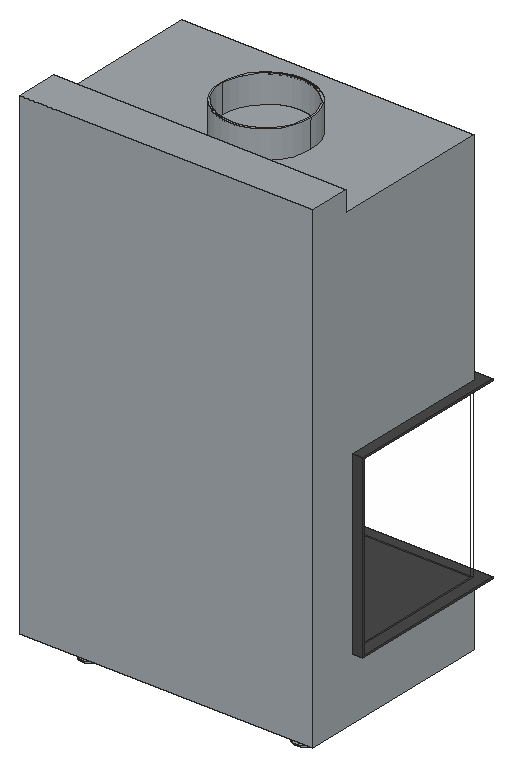
Revit family "METALFIRE_ULTIMATE_D_MF_WHE_2S", category Mechanical Equipment, host Wall, Revit 2017
Family settings
  Host = Wall
  Round Connector Dimension = Use Diameter
  Part Type = Normal
  OmniClass Number = 23.75.00.00
  OmniClass Title = Climate Control (HVAC)
  Always vertical = Yes
  Cut with Voids When Loaded = No
  Shared = No
  Room Calculation Point = Yes
Parameters (values of type "800 x 500 mm")
  WIDTH = 806 mm
  WEIGHT = 320.00 kg
  URL = "https://www.metalfire.eu"
  TECHNICAL SHEET = "https://www.metalfire.eu/en/products/wood-fireplaces/ultime-d"
  SMOKE EXHAUST = "Ø250 mm"
  PRODUCT SHEET = "https://www.archiproducts.com/en/products/metalfire/wood-burning-corner-fireplace-ultime-d-corner-fireplace_456405"
  PRODUCT CODE = "MF 800-50 WHE 2S"
  OVERALL WIDTH = 868 mm
  OVERALL HEIGHT = 1443 mm
  OVERALL DEPTH = 608 mm
  OUTPUT = 16.0 kW
  Number [instance] = (WIDTH / 20 mm) - 2  # 38
  Model = "Ultime D"
  Manufacturer = "Metalfire"
  MATERIAL DESCRIPTION = "Iron, galvanized steel and vermiculite plates"
  HEIGHT = 504 mm
  FRAME MATERIAL = Iron - Metalfire
  FINISHING MATERIAL = Black painted vermiculite plates - Metalfire
  FINE DUST EMISSION = "10 mg/Nm3"
  ENERGY EFFICIENCY CLASS = "A+"
  EFFICIENCY = 82.00%
  Description = "This generation of room air independent wood fireplaces with liftable door is equipped with a dynamic combustion technique that ensures optimal combustion and high efficiency."
  DEPTH = 461 mm
  CO EMISSION = 0.09%
  BIM USER MANUAL = "https://img.edilportale.com/bim/METALFIRE-BIM-USER-MANUAL-Metalfire-bim.pdf"
  BIM BADGE = "https://bim.archiproducts.com/en/badge/bim-archiproducts-featured_658700/about"
  BIM AUTHOR = "https://bim.archiproducts.com"
Types (2, lengths in mm): name | WIDTH | PRODUCT CODE | OVERALL WIDTH | OUTPUT | Number | FINE DUST EMISSION
  800 x 500 mm | 806 | "MF 800-50 WHE 2S" | 868 | 16.0 kW | 38 | "10 mg/Nm3"
  1050 x 500 mm | 1056 | "MF 1050-50 WHE 2S" | 1118 | 17.0 kW | 51 | "27 mg/Nm3"
Reference planes
  plane 1 "Wall": y = 0
  plane 2 "Center (Left/Right)": x = 0
  plane 3 "Back": y = 400
  plane 4: x = 403
  plane 5: x = -403
  plane 6: z = 245
  plane 7: z = 749
  plane 8: z = 1443
  plane 9: x = -341.985
  plane 10: x = 269.985
  plane 11: x = -383
  plane 12: x = -363
Forms (mm)
  Extrusion 1, void
    sketch origin (0, 400, 0) x (1, 0, 0) y (0, 0, 1)
      loop
        line (403, 240) -> (403, 754) -> (-408, 754) -> (-408, 240) -> (403, 240)
    from 0 to 466
  Extrusion 2, void
    sketch origin (0, 0, 0) x (0, 1, 0) y (0, 0, 1)
      loop
        line (370, 1463) -> (-208, 1463) -> (-208, 0) -> (370, 0) -> (370, 1463)
    from -465 to 373
  Extrusion 3, solid, material "Black painted vermiculite plates - Metalfire" <- "FINISHING MATERIAL", detail levels medium+fine
    sketch origin (0, 400, 0) x (1, 0, 0) y (0, 0, 1)
      loop
        line (403, 245) -> (-403, 245) -> (-403, 749) -> (403, 749) -> (403, 754) -> (-408, 754) -> (-408, 240) -> (403, 240) -> (403, 245)
    from 0 to 466
  Extrusion 4, solid, material "Black painted vermiculite plates - Metalfire" <- "FINISHING MATERIAL", detail levels medium+fine
    sketch origin (-424.5, -1068.817, 4000) x (0, 1, 0) y (0, 0, 1)
      loop
        line (1002.817, -3755) -> (1007.817, -3755) -> (1007.817, -3251) -> (1002.817, -3251) -> (1002.817, -3755)
    from 21.5 to 827.5
  Extrusion 5, solid, material "Iron - Metalfire" <- "FRAME MATERIAL", detail levels fine
    sketch origin (-429.5, -1068.817, 4000) x (0, 1, 0) y (0, 0, 1)
      loop
        line (860.817, -2557) -> (860.817, -3940) -> (980.817, -3940) -> (980.817, -2557) -> (860.817, -2557)
    from -35.5 to 802.5
  Extrusion 6, solid, material "Iron - Metalfire" <- "FRAME MATERIAL", detail levels fine
    sketch origin (-424.5, -1068.817, 4000) x (0, 1, 0) y (0, 0, 1)
      loop
        line (980.817, -3940) -> (1438.817, -3940) -> (1438.817, -3760) -> (1002.817, -3760) -> (1002.817, -3246) -> (1438.817, -3246) -> (1438.817, -2617) -> (980.817, -2617) -> (980.817, -3940)
    from 16.5 to 797.5
  Extrusion 7, solid, material "Iron - Metalfire" <- "FRAME MATERIAL", detail levels fine
    sketch origin (0, 400, 0) x (1, 0, 0) y (0, 0, 1)
      loop
        line (-408, 1383) -> (-465, 1383) -> (-465, 60) -> (-408, 60) -> (-408, 1383)
    from 30 to 488
  Extrusion 8, solid, material "Iron - Metalfire" <- "FRAME MATERIAL", detail levels fine
    sketch origin (0, 0, 0) x (1, 0, 0) y (0, 1, 0)
      loop
        circle (0, 91) r 125
      loop
        circle (0, 91) r 130
    from 1383 to 1463
  Revolve 9, solid, material "Iron - Metalfire" <- "FRAME MATERIAL", detail levels fine
    sketch origin (-341.985, -119.985, 4000) x (0, -1, 0) y (0, 0, 1)
      loop
        line (-419.471, -4000) -> (-419.471, -3940) -> (-427.471, -3940) -> (-427.471, -3984) -> (-431.471, -3984) -> (-431.471, -3994) -> (-425.537, -3994) -> (-431.971, -3997) -> (-449.471, -3997) -> (-449.471, -3999) -> (-447.471, -4000) -> (-419.471, -4000)
      axis (-419.471, -4000) -> (-419.471, -3940)
    angle from 0 to 360
  Revolve 10, solid, material "Iron - Metalfire" <- "FRAME MATERIAL", detail levels fine
    sketch origin (-341.985, -527.456, 4000) x (0, -1, 0) y (0, 0, 1)
      loop
        line (-419.471, -4000) -> (-419.471, -3940) -> (-427.471, -3940) -> (-427.471, -3984) -> (-431.471, -3984) -> (-431.471, -3994) -> (-425.537, -3994) -> (-431.971, -3997) -> (-449.471, -3997) -> (-449.471, -3999) -> (-447.471, -4000) -> (-419.471, -4000)
      axis (-419.471, -4000) -> (-419.471, -3940)
    angle from 0 to 360
  Revolve 11, solid, material "Iron - Metalfire" <- "FRAME MATERIAL", detail levels fine
    sketch origin (269.985, -119.985, 4000) x (0, -1, 0) y (0, 0, 1)
      loop
        line (-419.471, -4000) -> (-419.471, -3940) -> (-427.471, -3940) -> (-427.471, -3984) -> (-431.471, -3984) -> (-431.471, -3994) -> (-425.537, -3994) -> (-431.971, -3997) -> (-449.471, -3997) -> (-449.471, -3999) -> (-447.471, -4000) -> (-419.471, -4000)
      axis (-419.471, -4000) -> (-419.471, -3940)
    angle from 0 to 360
  Revolve 12, solid, material "Iron - Metalfire" <- "FRAME MATERIAL", detail levels fine
    sketch origin (269.985, -527.456, 4000) x (0, -1, 0) y (0, 0, 1)
      loop
        line (-419.471, -4000) -> (-419.471, -3940) -> (-427.471, -3940) -> (-427.471, -3984) -> (-431.471, -3984) -> (-431.471, -3994) -> (-425.537, -3994) -> (-431.971, -3997) -> (-449.471, -3997) -> (-449.471, -3999) -> (-447.471, -4000) -> (-419.471, -4000)
      axis (-419.471, -4000) -> (-419.471, -3940)
    angle from 0 to 360
  Extrusion 13, solid, material "Black painted vermiculite plates - Metalfire" <- "FINISHING MATERIAL", detail levels fine
    sketch origin (0, 0, 0) x (1, 0, 0) y (0, 1, 0)
      loop
        line (-403, -61) -> (-393, -61) -> (-393, -51) -> (-403, -51) -> (-403, -61)
    from 245 to 749
  Extrusion 14, solid, material "Black painted vermiculite plates - Metalfire" <- "FINISHING MATERIAL", detail levels fine
    sketch origin (0, 20, 0) x (1, 0, 0) y (0, 1, 0)
      loop
        line (-403, -61) -> (-393, -61) -> (-393, -51) -> (-403, -51) -> (-403, -61)
    from 245 to 749
  Extrusion 15, solid, material "Black painted vermiculite plates - Metalfire" <- "FINISHING MATERIAL", detail levels fine
    sketch origin (0, 40, 0) x (1, 0, 0) y (0, 1, 0)
      loop
        line (-403, -61) -> (-393, -61) -> (-393, -51) -> (-403, -51) -> (-403, -61)
    from 245 to 749
  Extrusion 16, solid, material "Black painted vermiculite plates - Metalfire" <- "FINISHING MATERIAL", detail levels fine
    sketch origin (0, 60, 0) x (1, 0, 0) y (0, 1, 0)
      loop
        line (-403, -61) -> (-393, -61) -> (-393, -51) -> (-403, -51) -> (-403, -61)
    from 245 to 749
  Extrusion 17, solid, material "Black painted vermiculite plates - Metalfire" <- "FINISHING MATERIAL", detail levels fine
    sketch origin (0, 80, 0) x (1, 0, 0) y (0, 1, 0)
      loop
        line (-403, -61) -> (-393, -61) -> (-393, -51) -> (-403, -51) -> (-403, -61)
    from 245 to 749
  Extrusion 18, solid, material "Black painted vermiculite plates - Metalfire" <- "FINISHING MATERIAL", detail levels fine
    sketch origin (0, 100, 0) x (1, 0, 0) y (0, 1, 0)
      loop
        line (-403, -61) -> (-393, -61) -> (-393, -51) -> (-403, -51) -> (-403, -61)
    from 245 to 749
  Extrusion 19, solid, material "Black painted vermiculite plates - Metalfire" <- "FINISHING MATERIAL", detail levels fine
    sketch origin (0, 120, 0) x (1, 0, 0) y (0, 1, 0)
      loop
        line (-403, -61) -> (-393, -61) -> (-393, -51) -> (-403, -51) -> (-403, -61)
    from 245 to 749
  Extrusion 20, solid, material "Black painted vermiculite plates - Metalfire" <- "FINISHING MATERIAL", detail levels fine
    sketch origin (0, 140, 0) x (1, 0, 0) y (0, 1, 0)
      loop
        line (-403, -61) -> (-393, -61) -> (-393, -51) -> (-403, -51) -> (-403, -61)
    from 245 to 749
  Extrusion 21, solid, material "Black painted vermiculite plates - Metalfire" <- "FINISHING MATERIAL", detail levels fine
    sketch origin (0, 160, 0) x (1, 0, 0) y (0, 1, 0)
      loop
        line (-403, -61) -> (-393, -61) -> (-393, -51) -> (-403, -51) -> (-403, -61)
    from 245 to 749
  Extrusion 22, solid, material "Black painted vermiculite plates - Metalfire" <- "FINISHING MATERIAL", detail levels fine
    sketch origin (0, 180, 0) x (1, 0, 0) y (0, 1, 0)
      loop
        line (-403, -61) -> (-393, -61) -> (-393, -51) -> (-403, -51) -> (-403, -61)
    from 245 to 749
  Extrusion 23, solid, material "Black painted vermiculite plates - Metalfire" <- "FINISHING MATERIAL", detail levels fine
    sketch origin (0, 200, 0) x (1, 0, 0) y (0, 1, 0)
      loop
        line (-403, -61) -> (-393, -61) -> (-393, -51) -> (-403, -51) -> (-403, -61)
    from 245 to 749
  Extrusion 24, solid, material "Black painted vermiculite plates - Metalfire" <- "FINISHING MATERIAL", detail levels fine
    sketch origin (0, 220, 0) x (1, 0, 0) y (0, 1, 0)
      loop
        line (-403, -61) -> (-393, -61) -> (-393, -51) -> (-403, -51) -> (-403, -61)
    from 245 to 749
  Extrusion 25, solid, material "Black painted vermiculite plates - Metalfire" <- "FINISHING MATERIAL", detail levels fine
    sketch origin (0, 240, 0) x (1, 0, 0) y (0, 1, 0)
      loop
        line (-403, -61) -> (-393, -61) -> (-393, -51) -> (-403, -51) -> (-403, -61)
    from 245 to 749
  Extrusion 26, solid, material "Black painted vermiculite plates - Metalfire" <- "FINISHING MATERIAL", detail levels fine
    sketch origin (0, 260, 0) x (1, 0, 0) y (0, 1, 0)
      loop
        line (-403, -61) -> (-393, -61) -> (-393, -51) -> (-403, -51) -> (-403, -61)
    from 245 to 749
  Extrusion 27, solid, material "Black painted vermiculite plates - Metalfire" <- "FINISHING MATERIAL", detail levels fine
    sketch origin (0, 280, 0) x (1, 0, 0) y (0, 1, 0)
      loop
        line (-403, -61) -> (-393, -61) -> (-393, -51) -> (-403, -51) -> (-403, -61)
    from 245 to 749
  Extrusion 28, solid, material "Black painted vermiculite plates - Metalfire" <- "FINISHING MATERIAL", detail levels fine
    sketch origin (0, 300, 0) x (1, 0, 0) y (0, 1, 0)
      loop
        line (-403, -61) -> (-393, -61) -> (-393, -51) -> (-403, -51) -> (-403, -61)
    from 245 to 749
  Extrusion 29, solid, material "Black painted vermiculite plates - Metalfire" <- "FINISHING MATERIAL", detail levels fine
    sketch origin (0, 320, 0) x (1, 0, 0) y (0, 1, 0)
      loop
        line (-403, -61) -> (-393, -61) -> (-393, -51) -> (-403, -51) -> (-403, -61)
    from 245 to 749
  Extrusion 30, solid, material "Black painted vermiculite plates - Metalfire" <- "FINISHING MATERIAL", detail levels fine
    sketch origin (0, 340, 0) x (1, 0, 0) y (0, 1, 0)
      loop
        line (-403, -61) -> (-393, -61) -> (-393, -51) -> (-403, -51) -> (-403, -61)
    from 245 to 749
  Extrusion 31, solid, material "Black painted vermiculite plates - Metalfire" <- "FINISHING MATERIAL", detail levels fine
    sketch origin (0, 360, 0) x (1, 0, 0) y (0, 1, 0)
      loop
        line (-403, -61) -> (-393, -61) -> (-393, -51) -> (-403, -51) -> (-403, -61)
    from 245 to 749
  Extrusion 32, solid, material "Clear Glass - Metalfire", detail levels medium+fine
    sketch origin (0, 0, 0) x (1, 0, 0) y (0, 1, 0)
      loop
        line (-403, 370) -> (-403, 365) -> (368, 365) -> (368, -61) -> (373, -61) -> (373, 370) -> (-403, 370)
    from 245 to 749
Cuts and joins
  joined: Extrusion 3, Extrusion 4
  joined: Extrusion 5, Extrusion 6, Extrusion 7
Text (mm)
  text "Placement side" at (-1820.995, 1116.779, 0), in view "Ref. Level"
  text "Placement side" at (0, 1334.055, 2976.191), in view "Left"
  text "Placement side" at (0, 439.194, 2944.362), in view "Right"
Dimensions and locks
  locked: plane 3 "Back" to host wall
  equal spacing: plane 5, plane 2 "Center (Left/Right)", plane 4
  "WIDTH": plane 5 to plane 4
  locked: level to plane 6 at 245
  "HEIGHT": plane 6 to plane 7
  locked: Extrusion 3 sketch curve to Extrusion 3 sketch curve at 5  (x3)
  locked: Extrusion 3 to plane 3 "Back" at 466
  locked: Extrusion 4 sketch curve to Extrusion 4 sketch curve at 5
  "OVERALL HEIGHT": level to plane 8
  locked: Extrusion 5 sketch curve to Extrusion 5 sketch curve at 120
  locked: Extrusion 5 sketch curve to level at 60
  locked: Extrusion 5 sketch curve to plane 3 "Back" at 608
  locked: plane 5 to Extrusion 5 at 62
  level to Extrusion 5 = 1443 mm
  locked: plane 4 to Extrusion 5 at 30
  locked: plane 8 to Extrusion 6 sketch curve at 60
  locked: plane 7 to Extrusion 6 sketch curve at 5
  locked: plane 6 to Extrusion 6 sketch curve at 5
  locked: level to Extrusion 6 sketch curve at 60
  Extrusion 6 sketch curve to Extrusion 6 sketch curve to Extrusion 6 sketch curve = 22 mm locked, 436 mm locked
  locked: Extrusion 6 sketch curve to plane 3 "Back" at 30
  locked: Extrusion 8 sketch curve to plane 3 "Back" at 309
  locked: Extrusion 8 to plane 8 at 20
  locked: Revolve 9 sketch curve to plane 3 "Back" at 100.515
  locked: Revolve 10 sketch curve to plane 3 "Back" at 507.985
  locked: plane 5 to plane 9 at 61.015
  locked: plane 10 to plane 4 at 133.015
  locked: Revolve 12 sketch curve to plane 3 "Back" at 507.985
  locked: Revolve 11 sketch curve to plane 3 "Back" at 100.515
  locked: Extrusion 13 sketch curve to Extrusion 13 sketch curve at 10  (x2)
  locked: Extrusion 14 sketch curve to Extrusion 14 sketch curve at 10  (x2)
  locked: Extrusion 15 sketch curve to Extrusion 15 sketch curve at 10  (x2)
  locked: Extrusion 16 sketch curve to Extrusion 16 sketch curve at 10  (x2)
  locked: Extrusion 17 sketch curve to Extrusion 17 sketch curve at 10  (x2)
  locked: Extrusion 18 sketch curve to Extrusion 18 sketch curve at 10  (x2)
  locked: Extrusion 19 sketch curve to Extrusion 19 sketch curve at 10  (x2)
  locked: Extrusion 20 sketch curve to Extrusion 20 sketch curve at 10  (x2)
  locked: Extrusion 21 sketch curve to Extrusion 21 sketch curve at 10  (x2)
  locked: Extrusion 22 sketch curve to Extrusion 22 sketch curve at 10  (x2)
  locked: Extrusion 23 sketch curve to Extrusion 23 sketch curve at 10  (x2)
  locked: Extrusion 24 sketch curve to Extrusion 24 sketch curve at 10  (x2)
  locked: Extrusion 25 sketch curve to Extrusion 25 sketch curve at 10  (x2)
  locked: Extrusion 26 sketch curve to Extrusion 26 sketch curve at 10  (x2)
  locked: Extrusion 27 sketch curve to Extrusion 27 sketch curve at 10  (x2)
  locked: Extrusion 28 sketch curve to Extrusion 28 sketch curve at 10  (x2)
  locked: Extrusion 29 sketch curve to Extrusion 29 sketch curve at 10  (x2)
  locked: Extrusion 30 sketch curve to Extrusion 30 sketch curve at 10  (x2)
  locked: Extrusion 31 sketch curve to Extrusion 31 sketch curve at 10  (x2)
  plane 5 to plane 11 to plane 12 = 20 mm locked, 20 mm locked
  plane 3 "Back" to Extrusion 31 to Extrusion 30 to Extrusion 29 to Extrusion 28 to Extrusion 27 to Extrusion 26 to Extrusion 25 to Extrusion 24 to Extrusion 23 to Extrusion 22 to Extrusion 21 to Extrusion 20 to Extrusion 19 to Extrusion 18 to Extrusion 17 to Extrusion 16 to Extrusion 15 to Extrusion 14 to Extrusion 13 = 91 mm locked, 20 mm locked, 20 mm locked, 20 mm locked, 20 mm locked, 20 mm locked, 20 mm locked, 20 mm locked, 20 mm locked, 20 mm locked, 20 mm locked, 20 mm locked, 20 mm locked, 20 mm locked, 20 mm locked, 20 mm locked, 20 mm locked, 20 mm locked, 20 mm locked
  equal spacing: group 1, group 2, group 3, group 4, group 5, group 6, group 7, group 8, group 9, group 10, group 11, group 12, group 13, group 14, group 15, group 16, group 17, group 18, group 19, group 20, group 21, group 22, group 23, group 24, group 25, group 26, group 27, group 28, group 29, group 30, group 31, group 32, group 33, group 34, group 35, group 36, group 37, group 38  (x3)
  locked: Extrusion 32 sketch curve to Extrusion 32 sketch curve at 5  (x2)
  aligned and locked: plane 1 "Wall" to host wall
  aligned and locked: Extrusion 1 to plane 3 "Back"
  aligned and locked: Extrusion 2 sketch curve to level
  aligned and locked: plane 6 to Extrusion 3 sketch curve
  aligned and locked: plane 5 to Extrusion 3 sketch curve
  aligned and locked: plane 7 to Extrusion 3 sketch curve
  aligned and locked: plane 4 to Extrusion 3 sketch curve
  aligned and locked: Extrusion 3 sketch curve to plane 4
  aligned and locked: Extrusion 3 to plane 3 "Back"
  aligned and locked: plane 7 to Extrusion 4 sketch curve
  aligned and locked: Extrusion 4 sketch curve to plane 6
  aligned and locked: Extrusion 3 to Extrusion 4
  aligned and locked: Extrusion 4 to plane 5
  aligned and locked: plane 4 to Extrusion 4
  aligned and locked: Extrusion 1 sketch curve to cut or joined group of Extrusion 3, Extrusion 4  (x3)
  aligned and locked: plane 4 to Extrusion 1 sketch curve
  aligned and locked: Extrusion 1 to cut or joined group of Extrusion 3, Extrusion 4
  aligned and locked: Extrusion 5 sketch curve to plane 8
  aligned and locked: Extrusion 6 sketch curve to Extrusion 6 sketch curve
  aligned and locked: Extrusion 6 to cut or joined group of Extrusion 3, Extrusion 4
  aligned and locked: Extrusion 5 to Extrusion 6
  aligned and locked: cut or joined group of Extrusion 5, Extrusion 6, Extrusion 7 to Extrusion 7 sketch curve  (x2)
  aligned and locked: Extrusion 7 sketch curve to cut or joined group of Extrusion 5, Extrusion 6, Extrusion 7  (x2)
  aligned and locked: Extrusion 7 to cut or joined group of Extrusion 5, Extrusion 6, Extrusion 7
  aligned and locked: plane 2 "Center (Left/Right)" to Extrusion 8 sketch curve
  aligned and locked: Extrusion 8 to cut or joined group of Extrusion 5, Extrusion 6, Extrusion 7
  aligned and locked: Extrusion 2 sketch curve to Extrusion 8
  aligned and locked: Extrusion 2 sketch curve to cut or joined group of Extrusion 5, Extrusion 6, Extrusion 7  (x2)
  aligned and locked: Revolve 9 sketch curve to Revolve 9 sketch curve
  aligned and locked: Revolve 10 sketch curve to Revolve 10 sketch curve
  aligned and locked: Revolve 11 sketch curve to Revolve 11 sketch curve
  aligned and locked: Revolve 12 sketch curve to Revolve 12 sketch curve
  aligned and locked: Extrusion 13 to plane 5
  aligned and locked: Extrusion 13 to plane 6
  aligned and locked: plane 7 to Extrusion 13
  aligned and locked: Extrusion 13 to Extrusion 14
  aligned and locked: Extrusion 13 to Extrusion 15
  aligned and locked: Extrusion 13 to Extrusion 16
  aligned and locked: Extrusion 13 to Extrusion 17
  aligned and locked: Extrusion 13 to Extrusion 18
  aligned and locked: Extrusion 13 to Extrusion 19
  aligned and locked: Extrusion 13 to Extrusion 20
  aligned and locked: Extrusion 13 to Extrusion 21
  aligned and locked: Extrusion 13 to Extrusion 22
  aligned and locked: Extrusion 13 to Extrusion 23
  aligned and locked: Extrusion 13 to Extrusion 24
  aligned and locked: Extrusion 13 to Extrusion 25
  aligned and locked: Extrusion 13 to Extrusion 26
  aligned and locked: Extrusion 13 to Extrusion 27
  aligned and locked: Extrusion 13 to Extrusion 28
  aligned and locked: Extrusion 13 to Extrusion 29
  aligned and locked: Extrusion 13 to Extrusion 30
  aligned and locked: Extrusion 13 to Extrusion 31
  aligned and locked: nested 1 to plane 11  (x2)
  aligned and locked: nested 1 to cut or joined group of Extrusion 3, Extrusion 4  (x2)
  aligned and locked: nested 2 to plane 12  (x2)
  aligned and locked: nested 1 to plane 6
  aligned and locked: plane 5 to Extrusion 32 sketch curve
  aligned and locked: cut or joined group of Extrusion 3, Extrusion 4 to Extrusion 32 sketch curve
  aligned and locked: Extrusion 32 sketch curve to cut or joined group of Extrusion 5, Extrusion 6, Extrusion 7  (x2)
  aligned and locked: Extrusion 32 to plane 6
  aligned and locked: plane 7 to Extrusion 32
  aligned and locked: nested 2 to cut or joined group of Extrusion 3, Extrusion 4
  aligned and locked: nested 39 to cut or joined group of Extrusion 5, Extrusion 6, Extrusion 7  (x3)
  aligned and locked: Extrusion 2 to cut or joined group of Extrusion 5, Extrusion 6, Extrusion 7  (x2)
Automatic sketch dimensions
  host wall to Extrusion 4 sketch curve = 66 mm
  Extrusion 8 sketch curve to Extrusion 8 sketch curve = 0 mm  (x2)
  level to Revolve 9 sketch curve = 0 mm
  Revolve 9 sketch curve to Revolve 9 sketch curve = 6.066 mm
  Revolve 9 sketch curve to Revolve 9 sketch curve = 8 mm
  Revolve 9 sketch curve to Revolve 9 sketch curve = 5.934 mm
  level to Revolve 9 sketch curve = 3 mm
  Revolve 9 sketch curve to Revolve 9 sketch curve = 0.5 mm
  Revolve 9 sketch curve to Revolve 9 sketch curve = 15.5 mm
  level to Revolve 9 sketch curve = 1 mm
  Revolve 9 sketch curve to Revolve 9 sketch curve = 2 mm
  Revolve 9 sketch curve to Revolve 9 sketch curve = 3 mm
  Revolve 9 sketch curve to Revolve 9 sketch curve = 10 mm
  Revolve 9 sketch curve to Revolve 9 sketch curve = 44 mm
  Revolve 9 sketch curve to Revolve 9 sketch curve = 28.764 mm
  Revolve 9 sketch curve to Revolve 9 sketch curve = 71.236 mm
  level to Revolve 10 sketch curve = 0 mm
  Revolve 10 sketch curve to Revolve 10 sketch curve = 6.066 mm
  Revolve 10 sketch curve to Revolve 10 sketch curve = 8 mm
  Revolve 10 sketch curve to Revolve 10 sketch curve = 5.934 mm
  level to Revolve 10 sketch curve = 3 mm
  Revolve 10 sketch curve to Revolve 10 sketch curve = 0.5 mm
  Revolve 10 sketch curve to Revolve 10 sketch curve = 15.5 mm
  level to Revolve 10 sketch curve = 1 mm
  Revolve 10 sketch curve to Revolve 10 sketch curve = 2 mm
  Revolve 10 sketch curve to Revolve 10 sketch curve = 3 mm
  Revolve 10 sketch curve to Revolve 10 sketch curve = 10 mm
  Revolve 10 sketch curve to Revolve 10 sketch curve = 44 mm
  Revolve 10 sketch curve to Revolve 10 sketch curve = 28.764 mm
  Revolve 10 sketch curve to Revolve 10 sketch curve = 71.236 mm
  Revolve 11 sketch curve to level = 0 mm
  Revolve 11 sketch curve to Revolve 11 sketch curve = 6.066 mm
  Revolve 11 sketch curve to Revolve 11 sketch curve = 8 mm
  Revolve 11 sketch curve to Revolve 11 sketch curve = 5.934 mm
  Revolve 11 sketch curve to level = 3 mm
  Revolve 11 sketch curve to Revolve 11 sketch curve = 0.5 mm
  Revolve 11 sketch curve to Revolve 11 sketch curve = 15.5 mm
  Revolve 11 sketch curve to level = 1 mm
  Revolve 11 sketch curve to Revolve 11 sketch curve = 2 mm
  Revolve 11 sketch curve to Revolve 11 sketch curve = 3 mm
  Revolve 11 sketch curve to Revolve 11 sketch curve = 10 mm
  Revolve 11 sketch curve to Revolve 11 sketch curve = 44 mm
  Revolve 11 sketch curve to Revolve 11 sketch curve = 28.764 mm
  Revolve 11 sketch curve to Revolve 11 sketch curve = 71.236 mm
  Revolve 12 sketch curve to level = 0 mm
  Revolve 12 sketch curve to Revolve 12 sketch curve = 6.066 mm
  Revolve 12 sketch curve to Revolve 12 sketch curve = 8 mm
  Revolve 12 sketch curve to Revolve 12 sketch curve = 5.934 mm
  Revolve 12 sketch curve to level = 3 mm
  Revolve 12 sketch curve to Revolve 12 sketch curve = 0.5 mm
  Revolve 12 sketch curve to Revolve 12 sketch curve = 15.5 mm
  Revolve 12 sketch curve to level = 1 mm
  Revolve 12 sketch curve to Revolve 12 sketch curve = 2 mm
  Revolve 12 sketch curve to Revolve 12 sketch curve = 3 mm
  Revolve 12 sketch curve to Revolve 12 sketch curve = 10 mm
  Revolve 12 sketch curve to Revolve 12 sketch curve = 44 mm
  Revolve 12 sketch curve to Revolve 12 sketch curve = 28.764 mm
  Revolve 12 sketch curve to Revolve 12 sketch curve = 71.236 mm
  Extrusion 13 sketch curve to plane 5 = 0 mm
  host wall to Extrusion 13 sketch curve = 61 mm
  Extrusion 14 sketch curve to plane 5 = 0 mm
  host wall to Extrusion 14 sketch curve = 41 mm
  Extrusion 15 sketch curve to plane 5 = 0 mm
  host wall to Extrusion 15 sketch curve = 21 mm
  Extrusion 16 sketch curve to plane 5 = 0 mm
  host wall to Extrusion 16 sketch curve = 1 mm
  Extrusion 17 sketch curve to plane 5 = 0 mm
  Extrusion 17 sketch curve to host wall = 19 mm
  Extrusion 18 sketch curve to plane 5 = 0 mm
  Extrusion 18 sketch curve to host wall = 39 mm
  Extrusion 19 sketch curve to plane 5 = 0 mm
  Extrusion 19 sketch curve to host wall = 59 mm
  Extrusion 20 sketch curve to plane 5 = 0 mm
  Extrusion 20 sketch curve to host wall = 79 mm
  Extrusion 21 sketch curve to plane 5 = 0 mm
  Extrusion 21 sketch curve to host wall = 99 mm
  Extrusion 22 sketch curve to plane 5 = 0 mm
  Extrusion 22 sketch curve to host wall = 119 mm
  Extrusion 23 sketch curve to plane 5 = 0 mm
  Extrusion 23 sketch curve to host wall = 139 mm
  Extrusion 24 sketch curve to plane 5 = 0 mm
  Extrusion 24 sketch curve to host wall = 159 mm
  Extrusion 25 sketch curve to plane 5 = 0 mm
  Extrusion 25 sketch curve to host wall = 179 mm
  Extrusion 26 sketch curve to plane 5 = 0 mm
  Extrusion 26 sketch curve to host wall = 199 mm
  Extrusion 27 sketch curve to plane 5 = 0 mm
  Extrusion 27 sketch curve to host wall = 181 mm
  Extrusion 28 sketch curve to plane 5 = 0 mm
  Extrusion 28 sketch curve to host wall = 161 mm
  Extrusion 29 sketch curve to plane 5 = 0 mm
  Extrusion 29 sketch curve to host wall = 141 mm
  Extrusion 30 sketch curve to plane 5 = 0 mm
  Extrusion 30 sketch curve to host wall = 121 mm
  Extrusion 31 sketch curve to plane 5 = 0 mm
  Extrusion 31 sketch curve to host wall = 101 mm
  radius of Extrusion 8 sketch curve = 125 mm
  radius of Extrusion 8 sketch curve = 130 mm
Nested families
  nested 1: "Element" at (-383, -61, 245) x (0, -1, 0) z (0, 0, 1), Height <- "HEIGHT", Material <- "FINISHING MATERIAL", type "Element", detail levels fine
    with Material Black painted vermiculite plates - Metalfire, Height 504 mm
  nested 2: "Element" at (-363, -61, 245) x (0, -1, 0) z (0, 0, 1), Height <- "HEIGHT", Material <- "FINISHING MATERIAL", type "Element", detail levels fine
    with Material Black painted vermiculite plates - Metalfire, Height 504 mm
  nested 3: "Element" at (-343, -61, 245) x (0, -1, 0) z (0, 0, 1), Height <- "HEIGHT", Material <- "FINISHING MATERIAL", type "Element", detail levels fine
    with Material Black painted vermiculite plates - Metalfire, Height 504 mm
  nested 4: "Element" at (-323, -61, 245) x (0, -1, 0) z (0, 0, 1), Height <- "HEIGHT", Material <- "FINISHING MATERIAL", type "Element", detail levels fine
    with Material Black painted vermiculite plates - Metalfire, Height 504 mm
  nested 5: "Element" at (-303, -61, 245) x (0, -1, 0) z (0, 0, 1), Height <- "HEIGHT", Material <- "FINISHING MATERIAL", type "Element", detail levels fine
    with Material Black painted vermiculite plates - Metalfire, Height 504 mm
  nested 6: "Element" at (-283, -61, 245) x (0, -1, 0) z (0, 0, 1), Height <- "HEIGHT", Material <- "FINISHING MATERIAL", type "Element", detail levels fine
    with Material Black painted vermiculite plates - Metalfire, Height 504 mm
  nested 7: "Element" at (-263, -61, 245) x (0, -1, 0) z (0, 0, 1), Height <- "HEIGHT", Material <- "FINISHING MATERIAL", type "Element", detail levels fine
    with Material Black painted vermiculite plates - Metalfire, Height 504 mm
  nested 8: "Element" at (-243, -61, 245) x (0, -1, 0) z (0, 0, 1), Height <- "HEIGHT", Material <- "FINISHING MATERIAL", type "Element", detail levels fine
    with Material Black painted vermiculite plates - Metalfire, Height 504 mm
  nested 9: "Element" at (-223, -61, 245) x (0, -1, 0) z (0, 0, 1), Height <- "HEIGHT", Material <- "FINISHING MATERIAL", type "Element", detail levels fine
    with Material Black painted vermiculite plates - Metalfire, Height 504 mm
  nested 10: "Element" at (-203, -61, 245) x (0, -1, 0) z (0, 0, 1), Height <- "HEIGHT", Material <- "FINISHING MATERIAL", type "Element", detail levels fine
    with Material Black painted vermiculite plates - Metalfire, Height 504 mm
  nested 11: "Element" at (-183, -61, 245) x (0, -1, 0) z (0, 0, 1), Height <- "HEIGHT", Material <- "FINISHING MATERIAL", type "Element", detail levels fine
    with Material Black painted vermiculite plates - Metalfire, Height 504 mm
  nested 12: "Element" at (-163, -61, 245) x (0, -1, 0) z (0, 0, 1), Height <- "HEIGHT", Material <- "FINISHING MATERIAL", type "Element", detail levels fine
    with Material Black painted vermiculite plates - Metalfire, Height 504 mm
  nested 13: "Element" at (-143, -61, 245) x (0, -1, 0) z (0, 0, 1), Height <- "HEIGHT", Material <- "FINISHING MATERIAL", type "Element", detail levels fine
    with Material Black painted vermiculite plates - Metalfire, Height 504 mm
  nested 14: "Element" at (-123, -61, 245) x (0, -1, 0) z (0, 0, 1), Height <- "HEIGHT", Material <- "FINISHING MATERIAL", type "Element", detail levels fine
    with Material Black painted vermiculite plates - Metalfire, Height 504 mm
  nested 15: "Element" at (-103, -61, 245) x (0, -1, 0) z (0, 0, 1), Height <- "HEIGHT", Material <- "FINISHING MATERIAL", type "Element", detail levels fine
    with Material Black painted vermiculite plates - Metalfire, Height 504 mm
  nested 16: "Element" at (-83, -61, 245) x (0, -1, 0) z (0, 0, 1), Height <- "HEIGHT", Material <- "FINISHING MATERIAL", type "Element", detail levels fine
    with Material Black painted vermiculite plates - Metalfire, Height 504 mm
  nested 17: "Element" at (-63, -61, 245) x (0, -1, 0) z (0, 0, 1), Height <- "HEIGHT", Material <- "FINISHING MATERIAL", type "Element", detail levels fine
    with Material Black painted vermiculite plates - Metalfire, Height 504 mm
  nested 18: "Element" at (-43, -61, 245) x (0, -1, 0) z (0, 0, 1), Height <- "HEIGHT", Material <- "FINISHING MATERIAL", type "Element", detail levels fine
    with Material Black painted vermiculite plates - Metalfire, Height 504 mm
  nested 19: "Element" at (-23, -61, 245) x (0, -1, 0) z (0, 0, 1), Height <- "HEIGHT", Material <- "FINISHING MATERIAL", type "Element", detail levels fine
    with Material Black painted vermiculite plates - Metalfire, Height 504 mm
  nested 20: "Element" at (-3, -61, 245) x (0, -1, 0) z (0, 0, 1), Height <- "HEIGHT", Material <- "FINISHING MATERIAL", type "Element", detail levels fine
    with Material Black painted vermiculite plates - Metalfire, Height 504 mm
  nested 21: "Element" at (17, -61, 245) x (0, -1, 0) z (0, 0, 1), Height <- "HEIGHT", Material <- "FINISHING MATERIAL", type "Element", detail levels fine
    with Material Black painted vermiculite plates - Metalfire, Height 504 mm
  nested 22: "Element" at (37, -61, 245) x (0, -1, 0) z (0, 0, 1), Height <- "HEIGHT", Material <- "FINISHING MATERIAL", type "Element", detail levels fine
    with Material Black painted vermiculite plates - Metalfire, Height 504 mm
  nested 23: "Element" at (57, -61, 245) x (0, -1, 0) z (0, 0, 1), Height <- "HEIGHT", Material <- "FINISHING MATERIAL", type "Element", detail levels fine
    with Material Black painted vermiculite plates - Metalfire, Height 504 mm
  nested 24: "Element" at (77, -61, 245) x (0, -1, 0) z (0, 0, 1), Height <- "HEIGHT", Material <- "FINISHING MATERIAL", type "Element", detail levels fine
    with Material Black painted vermiculite plates - Metalfire, Height 504 mm
  nested 25: "Element" at (97, -61, 245) x (0, -1, 0) z (0, 0, 1), Height <- "HEIGHT", Material <- "FINISHING MATERIAL", type "Element", detail levels fine
    with Material Black painted vermiculite plates - Metalfire, Height 504 mm
  nested 26: "Element" at (117, -61, 245) x (0, -1, 0) z (0, 0, 1), Height <- "HEIGHT", Material <- "FINISHING MATERIAL", type "Element", detail levels fine
    with Material Black painted vermiculite plates - Metalfire, Height 504 mm
  nested 27: "Element" at (137, -61, 245) x (0, -1, 0) z (0, 0, 1), Height <- "HEIGHT", Material <- "FINISHING MATERIAL", type "Element", detail levels fine
    with Material Black painted vermiculite plates - Metalfire, Height 504 mm
  nested 28: "Element" at (157, -61, 245) x (0, -1, 0) z (0, 0, 1), Height <- "HEIGHT", Material <- "FINISHING MATERIAL", type "Element", detail levels fine
    with Material Black painted vermiculite plates - Metalfire, Height 504 mm
  nested 29: "Element" at (177, -61, 245) x (0, -1, 0) z (0, 0, 1), Height <- "HEIGHT", Material <- "FINISHING MATERIAL", type "Element", detail levels fine
    with Material Black painted vermiculite plates - Metalfire, Height 504 mm
  nested 30: "Element" at (197, -61, 245) x (0, -1, 0) z (0, 0, 1), Height <- "HEIGHT", Material <- "FINISHING MATERIAL", type "Element", detail levels fine
    with Material Black painted vermiculite plates - Metalfire, Height 504 mm
  nested 31: "Element" at (217, -61, 245) x (0, -1, 0) z (0, 0, 1), Height <- "HEIGHT", Material <- "FINISHING MATERIAL", type "Element", detail levels fine
    with Material Black painted vermiculite plates - Metalfire, Height 504 mm
  nested 32: "Element" at (237, -61, 245) x (0, -1, 0) z (0, 0, 1), Height <- "HEIGHT", Material <- "FINISHING MATERIAL", type "Element", detail levels fine
    with Material Black painted vermiculite plates - Metalfire, Height 504 mm
  nested 33: "Element" at (257, -61, 245) x (0, -1, 0) z (0, 0, 1), Height <- "HEIGHT", Material <- "FINISHING MATERIAL", type "Element", detail levels fine
    with Material Black painted vermiculite plates - Metalfire, Height 504 mm
  nested 34: "Element" at (277, -61, 245) x (0, -1, 0) z (0, 0, 1), Height <- "HEIGHT", Material <- "FINISHING MATERIAL", type "Element", detail levels fine
    with Material Black painted vermiculite plates - Metalfire, Height 504 mm
  nested 35: "Element" at (297, -61, 245) x (0, -1, 0) z (0, 0, 1), Height <- "HEIGHT", Material <- "FINISHING MATERIAL", type "Element", detail levels fine
    with Material Black painted vermiculite plates - Metalfire, Height 504 mm
  nested 36: "Element" at (317, -61, 245) x (0, -1, 0) z (0, 0, 1), Height <- "HEIGHT", Material <- "FINISHING MATERIAL", type "Element", detail levels fine
    with Material Black painted vermiculite plates - Metalfire, Height 504 mm
  nested 37: "Element" at (337, -61, 245) x (0, -1, 0) z (0, 0, 1), Height <- "HEIGHT", Material <- "FINISHING MATERIAL", type "Element", detail levels fine
    with Material Black painted vermiculite plates - Metalfire, Height 504 mm
  nested 38: "Element" at (357, -61, 245) x (0, -1, 0) z (0, 0, 1), Height <- "HEIGHT", Material <- "FINISHING MATERIAL", type "Element", detail levels fine
    with Material Black painted vermiculite plates - Metalfire, Height 504 mm
  nested 39: "FIREPLACE_SYMBOL_detail item" at (-31, 81, 0), WIDTH <- "OVERALL WIDTH", type "FIREPLACE_SYMBOL_detail item", detail levels coarse
    with WIDTH 868 mm, HEIGHT 578 mm
Connectors
  piping at (0, 91, 1383), diameter 250
    settings: on Extrusion 8, index 1, connector inside diameter 609.6 mm, connector length 0 mm, flow factor 0, pipe flow 0.0 L/s, pressure drop 0.0 Pa, fitting loss kfactor 0, connector angle 0.00°, fixture units 0, engagement length 0 mm, angle of deflection 0.00°, flow configuration 1, flow direction 2, fitting loss method 0, system type 22, joint type 0, gender type 0, connector reference index -1, connector utility 0, adjustable connector no, is connector primary yes, connector description ""
Definition of nested family "Element"
  Parameters (values of type "Element")
    Material [instance] = none
    Height [instance] = 310 mm
  Reference planes
    plane 1 "Center (Front/Back)": y = 0
    plane 2: z = 0
    plane 3 "Center (Left/Right)": x = 0
    plane 4: z = 310
  Forms (mm)
    Extrusion 1, solid, material <- "Material"
      sketch origin (0, 0, 0) x (1, 0, 0) y (0, 1, 0)
        loop
          line (-10, 0) -> (0, 0) -> (0, 10) -> (-10, 10) -> (-10, 0)
      from 0 to 310
  Dimensions and locks
    locked: Extrusion 1 sketch curve to Extrusion 1 sketch curve at 10  (x2)
    "Height": plane 4 to plane 2
    aligned and locked: level to plane 2
    aligned and locked: plane 1 "Center (Front/Back)" to Extrusion 1 sketch curve
    aligned and locked: plane 3 "Center (Left/Right)" to Extrusion 1 sketch curve
    aligned and locked: plane 4 to Extrusion 1
    aligned and locked: Extrusion 1 to plane 2
Definition of nested family "FIREPLACE_SYMBOL_detail item"
  Parameters (values of type "FIREPLACE_SYMBOL_detail item")
    WIDTH [instance] = 500 mm
    HEIGHT [instance] = 500 mm
  Reference planes
    plane 1 "Center (Front/Back)": y = 0
    plane 2: z = 0
    plane 3 "Center (Left/Right)": x = 0
    plane 4: x = 250
    plane 5: x = -250
    plane 6: y = 250
    plane 7: y = -250
  Lines and regions (mm)
    Filled region 1, type "Concrete", in view "Ref. Level"
      outline origin (-246.617, 90, 0) x (1, 0, 0) y (0, 1, 0)
        loop
          line (-3.383, -340) -> (496.617, -340) -> (496.617, 160) -> (-3.383, -340)
    detail lines, in view "Ref. Level"
      curve 1: line (-250, 250, 0) -> (250, 250, 0)
      curve 2: line (-250, -250, 0) -> (-250, 250, 0)
      curve 3: line (250, -250, 0) -> (-250, -250, 0)
      curve 4: line (250, 250, 0) -> (250, -250, 0)
  Dimensions and locks
    equal spacing: plane 5, plane 3 "Center (Left/Right)", plane 4
    equal spacing: plane 7, plane 1 "Center (Front/Back)", plane 6
    "WIDTH": plane 5 to plane 4
    "HEIGHT": plane 7 to plane 6
    aligned and locked: plane 6 to curve 1
    aligned and locked: plane 5 to curve 2
    aligned and locked: curve 3 to plane 7
    aligned and locked: curve 4 to plane 4
    aligned and locked: plane 6 to Filled region 1 sketch curve
    aligned and locked: plane 5 to Filled region 1 sketch curve
    aligned and locked: Filled region 1 sketch curve to plane 4
    aligned and locked: plane 7 to Filled region 1 sketch curve
